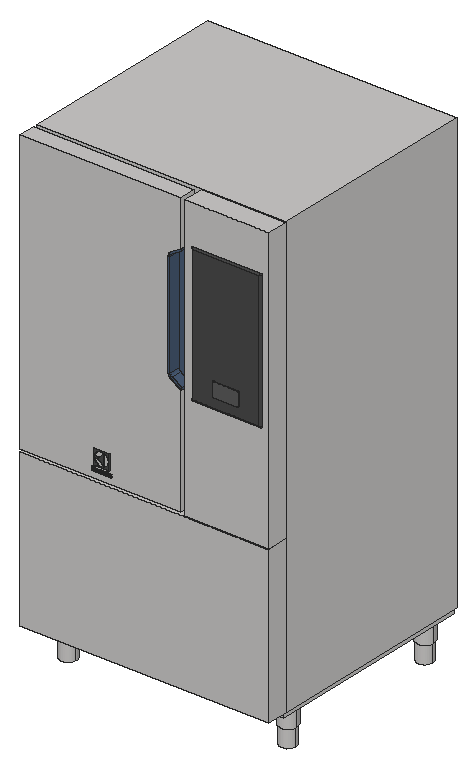
Revit family "QF_ELECTROLUXPROFESSIONAL_727735_EBFA11A", category Specialty Equipment, Revit 2018 (continued)
Lines and regions (mm)
  Split face 222
    outline origin (-5.81, -295.149, -213.119) x (-1, 0, 0) y (0, 0, -1)
      loop
        line (490.638, -548.639) -> (600.654, -548.639) -> (600.654, -543.665) -> (490.638, -543.665) -> (490.638, -548.639)
  Split face 223
    outline origin (-5.81, -295.149, -203.619) x (-1, 0, 0) y (0, 0, -1)
      loop
        line (490.638, -548.639) -> (600.654, -548.639) -> (600.654, -543.665) -> (490.638, -543.665) -> (490.638, -548.639)
  Split face 224
    outline origin (-5.81, -295.149, -194.118) x (-1, 0, 0) y (0, 0, -1)
      loop
        line (490.638, -548.639) -> (600.654, -548.639) -> (600.654, -543.665) -> (490.638, -543.665) -> (490.638, -548.639)
  Split face 225
    outline origin (-5.81, -295.149, -184.618) x (-1, 0, 0) y (0, 0, -1)
      loop
        line (490.638, -548.639) -> (600.654, -548.639) -> (600.654, -543.665) -> (490.638, -543.665) -> (490.638, -548.639)
  Split face 226
    outline origin (-5.81, -295.149, -175.118) x (-1, 0, 0) y (0, 0, -1)
      loop
        line (490.638, -548.639) -> (600.654, -548.639) -> (600.654, -543.665) -> (490.638, -543.665) -> (490.638, -548.639)
  Split face 227
    outline origin (-5.81, -295.149, -165.618) x (-1, 0, 0) y (0, 0, -1)
      loop
        line (490.638, -548.639) -> (600.654, -548.639) -> (600.654, -543.665) -> (490.638, -543.665) -> (490.638, -548.639)
  Split face 228
    outline origin (-5.81, -295.149, -156.118) x (-1, 0, 0) y (0, 0, -1)
      loop
        line (490.638, -548.639) -> (600.654, -548.639) -> (600.654, -543.665) -> (490.638, -543.665) -> (490.638, -548.639)
  Split face 229
    outline origin (-5.81, -295.149, -146.618) x (-1, 0, 0) y (0, 0, -1)
      loop
        line (490.638, -548.639) -> (600.654, -548.639) -> (600.654, -543.665) -> (490.638, -543.665) -> (490.638, -548.639)
  Split face 230
    outline origin (-5.81, -295.149, -137.118) x (-1, 0, 0) y (0, 0, -1)
      loop
        line (490.638, -548.639) -> (600.654, -548.639) -> (600.654, -543.665) -> (490.638, -543.665) -> (490.638, -548.639)
  Split face 231
    outline origin (-5.81, -295.149, -127.618) x (-1, 0, 0) y (0, 0, -1)
      loop
        line (490.638, -548.639) -> (600.654, -548.639) -> (600.654, -543.665) -> (490.638, -543.665) -> (490.638, -548.639)
  Split face 232
    outline origin (-5.81, -295.149, -118.118) x (-1, 0, 0) y (0, 0, -1)
      loop
        line (490.638, -548.639) -> (600.654, -548.639) -> (600.654, -543.665) -> (490.638, -543.665) -> (490.638, -548.639)
  Split face 233
    outline origin (-5.81, -295.149, -108.618) x (-1, 0, 0) y (0, 0, -1)
      loop
        line (490.638, -548.639) -> (600.654, -548.639) -> (600.654, -543.665) -> (490.638, -543.665) -> (490.638, -548.639)
  Split face 234
    outline origin (-5.81, -295.149, -99.118) x (-1, 0, 0) y (0, 0, -1)
      loop
        line (490.638, -548.639) -> (600.654, -548.639) -> (600.654, -543.665) -> (490.638, -543.665) -> (490.638, -548.639)
  Split face 235
    outline origin (-5.81, -295.149, -89.618) x (-1, 0, 0) y (0, 0, -1)
      loop
        line (490.638, -548.639) -> (600.654, -548.639) -> (600.654, -543.665) -> (490.638, -543.665) -> (490.638, -548.639)
  Split face 236
    outline origin (-5.81, -295.149, -80.117) x (-1, 0, 0) y (0, 0, -1)
      loop
        line (490.638, -548.639) -> (600.654, -548.639) -> (600.654, -543.665) -> (490.638, -543.665) -> (490.638, -548.639)
  Split face 237
    outline origin (-5.81, -295.149, -70.617) x (-1, 0, 0) y (0, 0, -1)
      loop
        line (490.638, -548.639) -> (600.654, -548.639) -> (600.654, -543.665) -> (490.638, -543.665) -> (490.638, -548.639)
  Split face 238
    outline origin (-5.81, -295.149, -61.117) x (-1, 0, 0) y (0, 0, -1)
      loop
        line (490.638, -548.639) -> (600.654, -548.639) -> (600.654, -543.665) -> (490.638, -543.665) -> (490.638, -548.639)
  Split face 239
    outline origin (-5.81, -295.149, -51.617) x (-1, 0, 0) y (0, 0, -1)
      loop
        line (490.638, -548.639) -> (600.654, -548.639) -> (600.654, -543.665) -> (490.638, -543.665) -> (490.638, -548.639)
  Split face 240
    outline origin (-5.81, -295.149, -42.117) x (-1, 0, 0) y (0, 0, -1)
      loop
        line (490.638, -548.639) -> (600.654, -548.639) -> (600.654, -543.665) -> (490.638, -543.665) -> (490.638, -548.639)
  Split face 241
    outline origin (-5.81, -295.149, -32.617) x (-1, 0, 0) y (0, 0, -1)
      loop
        line (490.638, -548.639) -> (600.654, -548.639) -> (600.654, -543.665) -> (490.638, -543.665) -> (490.638, -548.639)
  Split face 242
    outline origin (-5.81, -295.149, -23.117) x (-1, 0, 0) y (0, 0, -1)
      loop
        line (490.638, -548.639) -> (600.654, -548.639) -> (600.654, -543.665) -> (490.638, -543.665) -> (490.638, -548.639)
  Split face 243
    outline origin (-5.81, -295.149, -13.617) x (-1, 0, 0) y (0, 0, -1)
      loop
        line (490.638, -548.639) -> (600.654, -548.639) -> (600.654, -543.665) -> (490.638, -543.665) -> (490.638, -548.639)
  Split face 244
    outline origin (-5.81, -295.149, -4.117) x (-1, 0, 0) y (0, 0, -1)
      loop
        line (490.638, -548.639) -> (600.654, -548.639) -> (600.654, -543.665) -> (490.638, -543.665) -> (490.638, -548.639)
  Split face 245
    outline origin (-5.81, -295.149, 5.383) x (-1, 0, 0) y (0, 0, -1)
      loop
        line (490.638, -548.639) -> (600.654, -548.639) -> (600.654, -543.665) -> (490.638, -543.665) -> (490.638, -548.639)
  Split face 246
    outline origin (-5.81, -295.149, 14.883) x (-1, 0, 0) y (0, 0, -1)
      loop
        line (490.638, -548.639) -> (600.654, -548.639) -> (600.654, -543.665) -> (490.638, -543.665) -> (490.638, -548.639)
  Split face 247
    outline origin (-125.802, -295.149, -365.12) x (-1, 0, 0) y (0, 0, -1)
      loop
        line (490.638, -548.639) -> (600.654, -548.639) -> (600.654, -543.665) -> (490.638, -543.665) -> (490.638, -548.639)
  Split face 248
    outline origin (-125.802, -295.149, -355.62) x (-1, 0, 0) y (0, 0, -1)
      loop
        line (490.638, -548.639) -> (600.654, -548.639) -> (600.654, -543.665) -> (490.638, -543.665) -> (490.638, -548.639)
  Split face 249
    outline origin (-125.802, -295.149, -346.12) x (-1, 0, 0) y (0, 0, -1)
      loop
        line (490.638, -548.639) -> (600.654, -548.639) -> (600.654, -543.665) -> (490.638, -543.665) -> (490.638, -548.639)
  Split face 250
    outline origin (-125.802, -295.149, -336.62) x (-1, 0, 0) y (0, 0, -1)
      loop
        line (490.638, -548.639) -> (600.654, -548.639) -> (600.654, -543.665) -> (490.638, -543.665) -> (490.638, -548.639)
  Split face 251
    outline origin (-125.802, -295.149, -327.12) x (-1, 0, 0) y (0, 0, -1)
      loop
        line (490.638, -548.639) -> (600.654, -548.639) -> (600.654, -543.665) -> (490.638, -543.665) -> (490.638, -548.639)
  Split face 252
    outline origin (-125.802, -295.149, -317.619) x (-1, 0, 0) y (0, 0, -1)
      loop
        line (490.638, -548.639) -> (600.654, -548.639) -> (600.654, -543.665) -> (490.638, -543.665) -> (490.638, -548.639)
  Split face 253
    outline origin (-125.802, -295.149, -308.119) x (-1, 0, 0) y (0, 0, -1)
      loop
        line (490.638, -548.639) -> (600.654, -548.639) -> (600.654, -543.665) -> (490.638, -543.665) -> (490.638, -548.639)
  Split face 254
    outline origin (-125.802, -295.149, -298.619) x (-1, 0, 0) y (0, 0, -1)
      loop
        line (490.638, -548.639) -> (600.654, -548.639) -> (600.654, -543.665) -> (490.638, -543.665) -> (490.638, -548.639)
  Split face 255
    outline origin (-125.802, -295.149, -289.119) x (-1, 0, 0) y (0, 0, -1)
      loop
        line (490.638, -548.639) -> (600.654, -548.639) -> (600.654, -543.665) -> (490.638, -543.665) -> (490.638, -548.639)
  Split face 256
    outline origin (-125.802, -295.149, -279.619) x (-1, 0, 0) y (0, 0, -1)
      loop
        line (490.638, -548.639) -> (600.654, -548.639) -> (600.654, -543.665) -> (490.638, -543.665) -> (490.638, -548.639)
  Split face 257
    outline origin (-125.802, -295.149, -270.119) x (-1, 0, 0) y (0, 0, -1)
      loop
        line (490.638, -548.639) -> (600.654, -548.639) -> (600.654, -543.665) -> (490.638, -543.665) -> (490.638, -548.639)
  Split face 258
    outline origin (-125.802, -295.149, -260.619) x (-1, 0, 0) y (0, 0, -1)
      loop
        line (490.638, -548.639) -> (600.654, -548.639) -> (600.654, -543.665) -> (490.638, -543.665) -> (490.638, -548.639)
  Split face 259
    outline origin (-125.802, -295.149, -251.119) x (-1, 0, 0) y (0, 0, -1)
      loop
        line (490.638, -548.639) -> (600.654, -548.639) -> (600.654, -543.665) -> (490.638, -543.665) -> (490.638, -548.639)
  Split face 260
    outline origin (-125.802, -295.149, -241.619) x (-1, 0, 0) y (0, 0, -1)
      loop
        line (490.638, -548.639) -> (600.654, -548.639) -> (600.654, -543.665) -> (490.638, -543.665) -> (490.638, -548.639)
  Split face 261
    outline origin (-125.802, -295.149, -232.119) x (-1, 0, 0) y (0, 0, -1)
      loop
        line (490.638, -548.639) -> (600.654, -548.639) -> (600.654, -543.665) -> (490.638, -543.665) -> (490.638, -548.639)
  Split face 262
    outline origin (-125.802, -295.149, -222.619) x (-1, 0, 0) y (0, 0, -1)
      loop
        line (490.638, -548.639) -> (600.654, -548.639) -> (600.654, -543.665) -> (490.638, -543.665) -> (490.638, -548.639)
  Split face 263
    outline origin (-125.802, -295.149, -213.119) x (-1, 0, 0) y (0, 0, -1)
      loop
        line (490.638, -548.639) -> (600.654, -548.639) -> (600.654, -543.665) -> (490.638, -543.665) -> (490.638, -548.639)
  Split face 264
    outline origin (-125.802, -295.149, -203.619) x (-1, 0, 0) y (0, 0, -1)
      loop
        line (490.638, -548.639) -> (600.654, -548.639) -> (600.654, -543.665) -> (490.638, -543.665) -> (490.638, -548.639)
  Split face 265
    outline origin (-125.802, -295.149, -194.118) x (-1, 0, 0) y (0, 0, -1)
      loop
        line (490.638, -548.639) -> (600.654, -548.639) -> (600.654, -543.665) -> (490.638, -543.665) -> (490.638, -548.639)
  Split face 266
    outline origin (-125.802, -295.149, -184.618) x (-1, 0, 0) y (0, 0, -1)
      loop
        line (490.638, -548.639) -> (600.654, -548.639) -> (600.654, -543.665) -> (490.638, -543.665) -> (490.638, -548.639)
  Split face 267
    outline origin (-125.802, -295.149, -175.118) x (-1, 0, 0) y (0, 0, -1)
      loop
        line (490.638, -548.639) -> (600.654, -548.639) -> (600.654, -543.665) -> (490.638, -543.665) -> (490.638, -548.639)
  Split face 268
    outline origin (-125.802, -295.149, -165.618) x (-1, 0, 0) y (0, 0, -1)
      loop
        line (490.638, -548.639) -> (600.654, -548.639) -> (600.654, -543.665) -> (490.638, -543.665) -> (490.638, -548.639)
  Split face 269
    outline origin (-125.802, -295.149, -156.118) x (-1, 0, 0) y (0, 0, -1)
      loop
        line (490.638, -548.639) -> (600.654, -548.639) -> (600.654, -543.665) -> (490.638, -543.665) -> (490.638, -548.639)
  Split face 270
    outline origin (-125.802, -295.149, -146.618) x (-1, 0, 0) y (0, 0, -1)
      loop
        line (490.638, -548.639) -> (600.654, -548.639) -> (600.654, -543.665) -> (490.638, -543.665) -> (490.638, -548.639)
  Split face 271
    outline origin (-125.802, -295.149, -137.118) x (-1, 0, 0) y (0, 0, -1)
      loop
        line (490.638, -548.639) -> (600.654, -548.639) -> (600.654, -543.665) -> (490.638, -543.665) -> (490.638, -548.639)
  Split face 272
    outline origin (-125.802, -295.149, -127.618) x (-1, 0, 0) y (0, 0, -1)
      loop
        line (490.638, -548.639) -> (600.654, -548.639) -> (600.654, -543.665) -> (490.638, -543.665) -> (490.638, -548.639)
  Split face 273
    outline origin (-125.802, -295.149, -118.118) x (-1, 0, 0) y (0, 0, -1)
      loop
        line (490.638, -548.639) -> (600.654, -548.639) -> (600.654, -543.665) -> (490.638, -543.665) -> (490.638, -548.639)
  Split face 274
    outline origin (-125.802, -295.149, -108.618) x (-1, 0, 0) y (0, 0, -1)
      loop
        line (490.638, -548.639) -> (600.654, -548.639) -> (600.654, -543.665) -> (490.638, -543.665) -> (490.638, -548.639)
  Split face 275
    outline origin (-125.802, -295.149, -99.118) x (-1, 0, 0) y (0, 0, -1)
      loop
        line (490.638, -548.639) -> (600.654, -548.639) -> (600.654, -543.665) -> (490.638, -543.665) -> (490.638, -548.639)
  Split face 276
    outline origin (-125.802, -295.149, -89.618) x (-1, 0, 0) y (0, 0, -1)
      loop
        line (490.638, -548.639) -> (600.654, -548.639) -> (600.654, -543.665) -> (490.638, -543.665) -> (490.638, -548.639)
  Split face 277
    outline origin (-125.802, -295.149, -80.117) x (-1, 0, 0) y (0, 0, -1)
      loop
        line (490.638, -548.639) -> (600.654, -548.639) -> (600.654, -543.665) -> (490.638, -543.665) -> (490.638, -548.639)
  Split face 278
    outline origin (-125.802, -295.149, -70.617) x (-1, 0, 0) y (0, 0, -1)
      loop
        line (490.638, -548.639) -> (600.654, -548.639) -> (600.654, -543.665) -> (490.638, -543.665) -> (490.638, -548.639)
  Split face 279
    outline origin (-125.802, -295.149, -61.117) x (-1, 0, 0) y (0, 0, -1)
      loop
        line (490.638, -548.639) -> (600.654, -548.639) -> (600.654, -543.665) -> (490.638, -543.665) -> (490.638, -548.639)
  Split face 280
    outline origin (-125.802, -295.149, -51.617) x (-1, 0, 0) y (0, 0, -1)
      loop
        line (490.638, -548.639) -> (600.654, -548.639) -> (600.654, -543.665) -> (490.638, -543.665) -> (490.638, -548.639)
  Split face 281
    outline origin (-125.802, -295.149, -42.117) x (-1, 0, 0) y (0, 0, -1)
      loop
        line (490.638, -548.639) -> (600.654, -548.639) -> (600.654, -543.665) -> (490.638, -543.665) -> (490.638, -548.639)
  Split face 282
    outline origin (-125.802, -295.149, -32.617) x (-1, 0, 0) y (0, 0, -1)
      loop
        line (490.638, -548.639) -> (600.654, -548.639) -> (600.654, -543.665) -> (490.638, -543.665) -> (490.638, -548.639)
  Split face 283
    outline origin (-125.802, -295.149, -23.117) x (-1, 0, 0) y (0, 0, -1)
      loop
        line (490.638, -548.639) -> (600.654, -548.639) -> (600.654, -543.665) -> (490.638, -543.665) -> (490.638, -548.639)
  Split face 284
    outline origin (-125.802, -295.149, -13.617) x (-1, 0, 0) y (0, 0, -1)
      loop
        line (490.638, -548.639) -> (600.654, -548.639) -> (600.654, -543.665) -> (490.638, -543.665) -> (490.638, -548.639)
  Split face 285
    outline origin (-125.802, -295.149, -4.117) x (-1, 0, 0) y (0, 0, -1)
      loop
        line (490.638, -548.639) -> (600.654, -548.639) -> (600.654, -543.665) -> (490.638, -543.665) -> (490.638, -548.639)
  Split face 286
    outline origin (-125.802, -295.149, 5.383) x (-1, 0, 0) y (0, 0, -1)
      loop
        line (490.638, -548.639) -> (600.654, -548.639) -> (600.654, -543.665) -> (490.638, -543.665) -> (490.638, -548.639)
  Split face 287
    outline origin (-125.802, -295.149, 14.883) x (-1, 0, 0) y (0, 0, -1)
      loop
        line (490.638, -548.639) -> (600.654, -548.639) -> (600.654, -543.665) -> (490.638, -543.665) -> (490.638, -548.639)
  symbolic lines
    curve 1: line (-759, 547.851, 1731) -> (136, 547.851, 1731)
    curve 2: line (-759, -219.149, 1731) -> (-759, 547.851, 1731)
    curve 3: line (136, -295.149, 1731) -> (-166, -295.149, 1731)
    curve 4: line (136, 547.851, 1731) -> (136, -295.149, 1731)
    curve 5: line (-139.183, 547.851, 1731) -> (-131.09, 639.851, 1731)
    curve 6: line (-131.09, 639.851, 1731) -> (33.141, 639.851, 1731)
    curve 7: line (33.141, 639.851, 1731) -> (41.234, 547.851, 1731)
    curve 8: line (56.5, 576.851, 1731) -> (77.5, 576.851, 1731)
    curve 9: line (77.5, 576.851, 1731) -> (77.5, 547.851, 1731)
    curve 10: line (56.5, 576.851, 1731) -> (56.5, 547.851, 1731)
    curve 11: line (104, -300.149, 1731) -> (-134, -300.149, 1731)
    curve 12: line (-134, -300.149, 1731) -> (-142, -295.149, 1731)
    curve 13: line (104, -300.149, 1731) -> (112, -295.149, 1731)
    curve 18: line (-166, -295.149, 0) -> (-166, -219.149, 0)
    curve 19: line (-166, -219.149, 0) -> (-759, -219.149, 0)
    curve 20: line (-759, -235.149, 0) -> (-180.8, -235.149, 0)
    curve 21: line (-759, -295.149, 0) -> (-759, -235.149, 0)
    curve 22: line (-180.8, -295.149, 0) -> (-759, -295.149, 0)
    curve 23: line (-180.8, -235.149, 0) -> (-180.8, -295.149, 0)
    curve 24: line (-225.54, -296.149, 0) -> (-178.3, -296.149, 0)
    curve 25: line (-178.3, -296.149, 0) -> (-178.3, -256.149, 0)
    curve 26: line (-178.3, -256.149, 0) -> (-180.8, -256.149, 0)
    curve 27: line (-225.54, -296.149, 0) -> (-225.54, -295.149, 0)
  symbolic lines, style "QF_Door-Drawer Clearances", visible <- "Show Clearance"
    curve 14: arc (-180.8, -295.149, 1731) -> (-338.805, -665.108, 1731) -> (-705, -831.649, 1731) r 556
    curve 15: line (-765, -831.649, 1731) -> (-765, -295.149, 1731)
    curve 16: line (-705, -831.649, 1731) -> (-765, -831.649, 1731)
    curve 17: line (-705, -831.649, 1731) -> (-705, -295.149, 1731)
Dimensions and locks
  equal spacing: plane 4 "LEFT", plane 3 "Center Y", plane 6 "RIGHT"
  plane 4 "LEFT" to plane 6 "RIGHT" = 895 mm
  plane 5 "BACK" to plane 7 "FRONT" = 843 mm
  equal spacing: plane 5 "BACK", plane 1 "Center X", plane 7 "FRONT"
  cut or joined group of Extrusion 1, Extrusion 2, Extrusion 3, Extrusion 5, Extrusion 6, Extrusion 7, Extrusion 13 to Extrusion 3 sketch curve = 826 mm
  level to Extrusion 3 sketch curve = 593 mm
  plane 5 "BACK" to Extrusion 6 sketch curve = 398 mm
  plane 4 "LEFT" to Extrusion 6 sketch curve = 400 mm
  Extrusion 3 sketch curve to plane 4 "LEFT" = 826 mm
  aligned and locked: level to plane 2
  aligned and locked: plane 12 to nested 3
  aligned and locked: plane 12 to nested 2
  aligned and locked: plane 10 to nested 1
  aligned and locked: plane 10 to nested 4
  aligned and locked: nested 4 to plane 11
  aligned and locked: nested 3 to plane 11
  aligned and locked: nested 1 to plane 13
  aligned and locked: nested 2 to plane 13
  aligned and locked: Extrusion 12 to Extrusion 11
  aligned and locked: Extrusion 16 to Extrusion 15
Automatic sketch dimensions
  Extrusion 1 sketch curve to plane 5 "BACK" = 0 mm
  Extrusion 1 sketch curve to plane 6 "RIGHT" = 0 mm
  Extrusion 1 sketch curve to plane 4 "LEFT" = 0 mm
  Extrusion 1 sketch curve to plane 13 = 75 mm
  Extrusion 2 sketch curve to plane 5 "BACK" = 0 mm
  Extrusion 2 sketch curve to plane 14 = 0 mm  (x5)
  Extrusion 2 sketch curve to plane 14 = 10 mm
  Extrusion 2 sketch curve to plane 14 = 8 mm
  Extrusion 2 sketch curve to plane 14 = 7.305 mm
  Extrusion 2 sketch curve to plane 14 = 4.997 mm
  plane 14 to Extrusion 2 sketch curve = 8.773 mm  (x4)
  plane 8 to Extrusion 2 sketch curve = 521.023 mm
  Extrusion 2 sketch curve to Extrusion 2 sketch curve = 7.476 mm
  Extrusion 2 sketch curve to Extrusion 2 sketch curve = 25.474 mm
  Extrusion 2 sketch curve to Extrusion 2 sketch curve = 9.313 mm  (x4)
  Extrusion 2 sketch curve to Extrusion 2 sketch curve = 31.38 mm  (x3)
  Extrusion 2 sketch curve to Extrusion 2 sketch curve = 32.916 mm
  Extrusion 2 sketch curve to Extrusion 2 sketch curve = 50.851 mm
  Extrusion 4 sketch curve to plane 6 "RIGHT" = 0 mm
  Extrusion 4 sketch curve to plane 4 "LEFT" = 0 mm
  Extrusion 4 sketch curve to plane 7 "FRONT" = 0 mm
  plane 7 "FRONT" to Extrusion 4 sketch curve = 75 mm
  Extrusion 5 sketch curve to plane 5 "BACK" = 0 mm
  Extrusion 5 sketch curve to plane 6 "RIGHT" = 9 mm
  plane 4 "LEFT" to Extrusion 5 sketch curve = 9 mm
  Extrusion 5 sketch curve to plane 13 = 73 mm
  Split face 1 sketch curve to Extrusion 4 = 32.492 mm
  Split face 1 sketch curve to Extrusion 4 = 28.525 mm
  Split face 1 sketch curve to Split face 1 sketch curve = 110.016 mm
  Split face 1 sketch curve to Split face 1 sketch curve = 4.974 mm
  Extrusion 7 sketch curve to plane 5 "BACK" = 0 mm  (x2)
  Extrusion 7 sketch curve to plane 14 = 0 mm  (x2)
  Extrusion 7 sketch curve to plane 12 = 41.135 mm
  Extrusion 7 sketch curve to Extrusion 7 sketch curve = 1.631 mm  (x2)
  Extrusion 7 sketch curve to Extrusion 7 sketch curve = 9.723 mm
  Extrusion 7 sketch curve to Extrusion 7 sketch curve = 164.232 mm
  Extrusion 7 sketch curve to Extrusion 7 sketch curve = 8.092 mm
  Extrusion 8 sketch curve to plane 4 "LEFT" = 0 mm
  Extrusion 8 sketch curve to plane 9 "TOP" = 0 mm
  plane 3 "Center Y" to Extrusion 8 sketch curve = 85.96 mm
  Extrusion 8 sketch curve to Extrusion 8 sketch curve = 8.487 mm
  Extrusion 8 sketch curve to Extrusion 8 sketch curve = 8.95 mm
  Extrusion 8 sketch curve to Extrusion 8 sketch curve = 10.513 mm
  Extrusion 8 sketch curve to Extrusion 8 sketch curve = 11.05 mm
  Extrusion 8 sketch curve to Extrusion 8 sketch curve = 35.79 mm
  Extrusion 8 sketch curve to Extrusion 8 sketch curve = 36.253 mm
  Extrusion 8 sketch curve to Extrusion 8 sketch curve = 162.03 mm
  Extrusion 8 sketch curve to Extrusion 8 sketch curve = 24.082 mm
  Extrusion 8 sketch curve to Extrusion 8 sketch curve = 374.913 mm
  Extrusion 8 sketch curve to Extrusion 8 sketch curve = 23.723 mm
  plane 8 to Extrusion 8 sketch curve = 589.524 mm
  Extrusion 9 sketch curve to plane 7 "FRONT" = 0 mm
  Extrusion 9 sketch curve to plane 6 "RIGHT" = 0 mm
  plane 3 "Center Y" to Extrusion 9 sketch curve = 145.5 mm
  plane 7 "FRONT" to Extrusion 9 sketch curve = 75 mm
  plane 3 "Center Y" to Extrusion 11 sketch curve = 85.96 mm
  Extrusion 11 sketch curve to Extrusion 11 sketch curve = 8.487 mm
  Extrusion 11 sketch curve to Extrusion 11 sketch curve = 8.95 mm
  Extrusion 11 sketch curve to Extrusion 11 sketch curve = 19 mm
  Extrusion 11 sketch curve to Extrusion 11 sketch curve = 11.05 mm
  Extrusion 11 sketch curve to plane 9 "TOP" = 186.112 mm
  Extrusion 11 sketch curve to Extrusion 11 sketch curve = 374.913 mm
  Extrusion 11 sketch curve to Extrusion 11 sketch curve = 36.253 mm
  Extrusion 11 sketch curve to Extrusion 11 sketch curve = 35.79 mm
  Extrusion 11 sketch curve to Extrusion 11 sketch curve = 0 mm  (x3)
  Extrusion 11 sketch curve to Extrusion 11 sketch curve = 24.082 mm
  Extrusion 11 sketch curve to Extrusion 11 sketch curve = 23.723 mm
  Extrusion 12 sketch curve to Extrusion 12 sketch curve = 0 mm  (x4)
  plane 3 "Center Y" to Extrusion 12 sketch curve = 133.2 mm  (x2)
  Extrusion 12 sketch curve to Extrusion 12 sketch curve = 2.5 mm  (x2)
  Extrusion 12 sketch curve to Extrusion 12 sketch curve = 27.24 mm
  Extrusion 12 sketch curve to Extrusion 12 sketch curve = 28.24 mm
  Extrusion 12 sketch curve to Extrusion 12 sketch curve = 7.459 mm
  Extrusion 12 sketch curve to Extrusion 12 sketch curve = 6.917 mm
  Extrusion 12 sketch curve to Extrusion 12 sketch curve = 3.591 mm
  Extrusion 12 sketch curve to Extrusion 12 sketch curve = 3.597 mm
  Extrusion 12 sketch curve to Extrusion 12 sketch curve = 5.583 mm
  Extrusion 12 sketch curve to Extrusion 12 sketch curve = 6.5 mm
  Extrusion 12 sketch curve to plane 9 "TOP" = 162.03 mm
  Extrusion 12 sketch curve to Extrusion 12 sketch curve = 6.143 mm
  Extrusion 12 sketch curve to Extrusion 12 sketch curve = 17.939 mm
  Extrusion 12 sketch curve to Extrusion 12 sketch curve = 374.913 mm
  Extrusion 12 sketch curve to Extrusion 12 sketch curve = 23 mm
  Extrusion 12 sketch curve to Extrusion 12 sketch curve = 6.141 mm
  plane 10 to Extrusion 13 sketch curve = 9 mm
  plane 3 "Center Y" to Extrusion 13 sketch curve = 80.7 mm
  Extrusion 13 sketch curve to plane 9 "TOP" = 60 mm
  plane 8 to Extrusion 13 sketch curve = 639 mm
  Split face 2 sketch curve to Extrusion 4 = 32.492 mm
  Split face 2 sketch curve to Extrusion 4 = 38.025 mm
  Split face 2 sketch curve to Split face 2 sketch curve = 110.016 mm
  Split face 2 sketch curve to Split face 2 sketch curve = 4.974 mm
  Split face 3 sketch curve to Extrusion 4 = 32.492 mm
  Split face 3 sketch curve to Extrusion 4 = 47.525 mm
  Split face 3 sketch curve to Split face 3 sketch curve = 110.016 mm
  Split face 3 sketch curve to Split face 3 sketch curve = 4.974 mm
  Split face 4 sketch curve to Extrusion 4 = 32.492 mm
  Split face 4 sketch curve to Split face 4 sketch curve = 110.016 mm
  Split face 4 sketch curve to Extrusion 4 = 61.999 mm
  Split face 4 sketch curve to Split face 4 sketch curve = 4.974 mm
  Split face 5 sketch curve to Extrusion 4 = 32.492 mm
  Split face 5 sketch curve to Split face 5 sketch curve = 110.016 mm
  Split face 5 sketch curve to Extrusion 4 = 71.499 mm
  Split face 5 sketch curve to Split face 5 sketch curve = 4.974 mm
  Split face 6 sketch curve to Extrusion 4 = 32.492 mm
  Split face 6 sketch curve to Split face 6 sketch curve = 110.016 mm
  Split face 6 sketch curve to Extrusion 4 = 80.999 mm
  Split face 6 sketch curve to Split face 6 sketch curve = 4.974 mm
  Split face 7 sketch curve to Extrusion 4 = 32.492 mm
  Split face 7 sketch curve to Split face 7 sketch curve = 110.016 mm
  Split face 7 sketch curve to Extrusion 4 = 90.499 mm
  Split face 7 sketch curve to Split face 7 sketch curve = 4.974 mm
  Split face 8 sketch curve to Extrusion 4 = 32.492 mm
  Split face 8 sketch curve to Split face 8 sketch curve = 110.016 mm
  Split face 8 sketch curve to Extrusion 4 = 99.999 mm
  Split face 8 sketch curve to Split face 8 sketch curve = 4.974 mm
  Split face 9 sketch curve to Extrusion 4 = 32.492 mm
  Split face 9 sketch curve to Split face 9 sketch curve = 110.016 mm
  Split face 9 sketch curve to Extrusion 4 = 109.499 mm
  Split face 9 sketch curve to Split face 9 sketch curve = 4.974 mm
  Split face 10 sketch curve to Extrusion 4 = 32.492 mm
  Split face 10 sketch curve to Split face 10 sketch curve = 110.016 mm
  Split face 10 sketch curve to Extrusion 4 = 119 mm
  Split face 10 sketch curve to Split face 10 sketch curve = 4.974 mm
  Split face 11 sketch curve to Extrusion 4 = 32.492 mm
  Split face 11 sketch curve to Split face 11 sketch curve = 110.016 mm
  Split face 11 sketch curve to Extrusion 4 = 128.5 mm
  Split face 11 sketch curve to Split face 11 sketch curve = 4.974 mm
  Split face 12 sketch curve to Extrusion 4 = 32.492 mm
  Split face 12 sketch curve to Split face 12 sketch curve = 110.016 mm
  Split face 12 sketch curve to Extrusion 4 = 138 mm
  Split face 12 sketch curve to Split face 12 sketch curve = 4.974 mm
  Split face 13 sketch curve to Extrusion 4 = 32.492 mm
  Split face 13 sketch curve to Split face 13 sketch curve = 110.016 mm
  Split face 13 sketch curve to Extrusion 4 = 147.5 mm
  Split face 13 sketch curve to Split face 13 sketch curve = 4.974 mm
  Split face 14 sketch curve to Extrusion 4 = 32.492 mm
  Split face 14 sketch curve to Split face 14 sketch curve = 110.016 mm
  Split face 14 sketch curve to Extrusion 4 = 157 mm
  Split face 14 sketch curve to Split face 14 sketch curve = 4.974 mm
  Split face 15 sketch curve to Extrusion 4 = 32.492 mm
  Split face 15 sketch curve to Split face 15 sketch curve = 110.016 mm
  Split face 15 sketch curve to Extrusion 4 = 166.5 mm
  Split face 15 sketch curve to Split face 15 sketch curve = 4.974 mm
  Split face 16 sketch curve to Extrusion 4 = 32.492 mm
  Split face 16 sketch curve to Split face 16 sketch curve = 110.016 mm
  Split face 16 sketch curve to Extrusion 4 = 176 mm
  Split face 16 sketch curve to Split face 16 sketch curve = 4.974 mm
  Split face 17 sketch curve to Extrusion 4 = 32.492 mm
  Split face 17 sketch curve to Split face 17 sketch curve = 110.016 mm
  Split face 17 sketch curve to Extrusion 4 = 185.5 mm
  Split face 17 sketch curve to Split face 17 sketch curve = 4.974 mm
  Split face 18 sketch curve to Extrusion 4 = 32.492 mm
  Split face 18 sketch curve to Split face 18 sketch curve = 110.016 mm
  Split face 18 sketch curve to Extrusion 4 = 195 mm
  Split face 18 sketch curve to Split face 18 sketch curve = 4.974 mm
  Split face 19 sketch curve to Extrusion 4 = 32.492 mm
  Split face 19 sketch curve to Split face 19 sketch curve = 110.016 mm
  Split face 19 sketch curve to Extrusion 4 = 204.5 mm
  Split face 19 sketch curve to Split face 19 sketch curve = 4.974 mm
  Split face 20 sketch curve to Extrusion 4 = 32.492 mm
  Split face 20 sketch curve to Split face 20 sketch curve = 110.016 mm
  Split face 20 sketch curve to Extrusion 4 = 214 mm
  Split face 20 sketch curve to Split face 20 sketch curve = 4.974 mm
  Split face 21 sketch curve to Extrusion 4 = 32.492 mm
  Split face 21 sketch curve to Split face 21 sketch curve = 110.016 mm
  Split face 21 sketch curve to Extrusion 4 = 223.5 mm
  Split face 21 sketch curve to Split face 21 sketch curve = 4.974 mm
  Split face 22 sketch curve to Extrusion 4 = 32.492 mm
  Split face 22 sketch curve to Split face 22 sketch curve = 110.016 mm
  Split face 22 sketch curve to Extrusion 4 = 233.001 mm
  Split face 22 sketch curve to Split face 22 sketch curve = 4.974 mm
  Split face 23 sketch curve to Extrusion 4 = 32.492 mm
  Split face 23 sketch curve to Split face 23 sketch curve = 110.016 mm
  Split face 23 sketch curve to Extrusion 4 = 242.501 mm
  Split face 23 sketch curve to Split face 23 sketch curve = 4.974 mm
  Split face 24 sketch curve to Extrusion 4 = 32.492 mm
  Split face 24 sketch curve to Split face 24 sketch curve = 110.016 mm
  Split face 24 sketch curve to Extrusion 4 = 252.001 mm
  Split face 24 sketch curve to Split face 24 sketch curve = 4.974 mm
  Split face 25 sketch curve to Extrusion 4 = 32.492 mm
  Split face 25 sketch curve to Split face 25 sketch curve = 110.016 mm
  Split face 25 sketch curve to Extrusion 4 = 261.501 mm
  Split face 25 sketch curve to Split face 25 sketch curve = 4.974 mm
  Split face 26 sketch curve to Extrusion 4 = 32.492 mm
  Split face 26 sketch curve to Split face 26 sketch curve = 110.016 mm
  Split face 26 sketch curve to Extrusion 4 = 271.001 mm
  Split face 26 sketch curve to Split face 26 sketch curve = 4.974 mm
  Split face 27 sketch curve to Extrusion 4 = 32.492 mm
  Split face 27 sketch curve to Split face 27 sketch curve = 110.016 mm
  Split face 27 sketch curve to Extrusion 4 = 279.479 mm
  Split face 27 sketch curve to Split face 27 sketch curve = 4.974 mm
  Split face 28 sketch curve to Extrusion 4 = 32.492 mm
  Split face 28 sketch curve to Split face 28 sketch curve = 110.016 mm
  Split face 28 sketch curve to Extrusion 4 = 269.979 mm
  Split face 28 sketch curve to Split face 28 sketch curve = 4.974 mm
  Split face 29 sketch curve to Extrusion 4 = 32.492 mm
  Split face 29 sketch curve to Split face 29 sketch curve = 110.016 mm
  Split face 29 sketch curve to Extrusion 4 = 260.479 mm
  Split face 29 sketch curve to Split face 29 sketch curve = 4.974 mm
  Split face 30 sketch curve to Extrusion 4 = 32.492 mm
  Split face 30 sketch curve to Split face 30 sketch curve = 110.016 mm
  Split face 30 sketch curve to Extrusion 4 = 250.978 mm
  Split face 30 sketch curve to Split face 30 sketch curve = 4.974 mm
  Split face 31 sketch curve to Extrusion 4 = 32.492 mm
  Split face 31 sketch curve to Split face 31 sketch curve = 110.016 mm
  Split face 31 sketch curve to Extrusion 4 = 241.478 mm
  Split face 31 sketch curve to Split face 31 sketch curve = 4.974 mm
  Split face 32 sketch curve to Extrusion 4 = 32.492 mm
  Split face 32 sketch curve to Split face 32 sketch curve = 110.016 mm
  Split face 32 sketch curve to Extrusion 4 = 231.978 mm
  Split face 32 sketch curve to Split face 32 sketch curve = 4.974 mm
  Split face 33 sketch curve to Extrusion 4 = 32.492 mm
  Split face 33 sketch curve to Split face 33 sketch curve = 110.016 mm
  Split face 33 sketch curve to Extrusion 4 = 222.478 mm
  Split face 33 sketch curve to Split face 33 sketch curve = 4.974 mm
  Split face 34 sketch curve to Extrusion 4 = 32.492 mm
  Split face 34 sketch curve to Split face 34 sketch curve = 110.016 mm
  Split face 34 sketch curve to Extrusion 4 = 212.978 mm
  Split face 34 sketch curve to Split face 34 sketch curve = 4.974 mm
  Split face 35 sketch curve to Extrusion 4 = 32.492 mm
  Split face 35 sketch curve to Split face 35 sketch curve = 110.016 mm
  Split face 35 sketch curve to Extrusion 4 = 203.478 mm
  Split face 35 sketch curve to Split face 35 sketch curve = 4.974 mm
  Split face 36 sketch curve to Extrusion 4 = 32.492 mm
  Split face 36 sketch curve to Split face 36 sketch curve = 110.016 mm
  Split face 36 sketch curve to Extrusion 4 = 193.978 mm
  Split face 36 sketch curve to Split face 36 sketch curve = 4.974 mm
  Split face 37 sketch curve to Extrusion 4 = 32.492 mm
  Split face 37 sketch curve to Split face 37 sketch curve = 110.016 mm
  Split face 37 sketch curve to Extrusion 4 = 184.478 mm
  Split face 37 sketch curve to Split face 37 sketch curve = 4.974 mm
  Split face 38 sketch curve to Extrusion 4 = 32.492 mm
  Split face 38 sketch curve to Split face 38 sketch curve = 110.016 mm
  Split face 38 sketch curve to Extrusion 4 = 174.978 mm
  Split face 38 sketch curve to Split face 38 sketch curve = 4.974 mm
  Split face 39 sketch curve to Extrusion 4 = 32.492 mm
  Split face 39 sketch curve to Split face 39 sketch curve = 110.016 mm
  Split face 39 sketch curve to Extrusion 4 = 165.478 mm
  Split face 39 sketch curve to Split face 39 sketch curve = 4.974 mm
  Split face 40 sketch curve to Extrusion 4 = 32.492 mm
  Split face 40 sketch curve to Split face 40 sketch curve = 110.016 mm
  Split face 40 sketch curve to Extrusion 4 = 155.978 mm
  Split face 40 sketch curve to Split face 40 sketch curve = 4.974 mm
  Split face 41 sketch curve to Extrusion 4 = 32.492 mm
  Split face 41 sketch curve to Split face 41 sketch curve = 110.016 mm
  Split face 41 sketch curve to Extrusion 4 = 146.478 mm
  Split face 41 sketch curve to Split face 41 sketch curve = 4.974 mm
  Split face 42 sketch curve to Extrusion 4 = 33.499 mm
  Split face 42 sketch curve to Extrusion 4 = 152.483 mm
  Split face 42 sketch curve to Extrusion 4 = 28.525 mm
  Split face 42 sketch curve to Split face 42 sketch curve = 110.016 mm
  Split face 43 sketch curve to Extrusion 4 = 42.999 mm
  Split face 43 sketch curve to Extrusion 4 = 152.483 mm
  Split face 43 sketch curve to Extrusion 4 = 38.025 mm
  Split face 43 sketch curve to Split face 43 sketch curve = 110.016 mm
  Split face 44 sketch curve to Extrusion 4 = 52.499 mm
  Split face 44 sketch curve to Extrusion 4 = 152.483 mm
  Split face 44 sketch curve to Extrusion 4 = 47.525 mm
  Split face 44 sketch curve to Split face 44 sketch curve = 110.016 mm
  Split face 45 sketch curve to Extrusion 4 = 61.999 mm
  Split face 45 sketch curve to Extrusion 4 = 152.483 mm
  Split face 45 sketch curve to Split face 45 sketch curve = 110.016 mm
  Split face 45 sketch curve to Split face 45 sketch curve = 4.974 mm
  Split face 46 sketch curve to Extrusion 4 = 71.499 mm
  Split face 46 sketch curve to Extrusion 4 = 152.483 mm
  Split face 46 sketch curve to Split face 46 sketch curve = 110.016 mm
  Split face 46 sketch curve to Split face 46 sketch curve = 4.974 mm
  Split face 47 sketch curve to Extrusion 4 = 152.483 mm
  Split face 47 sketch curve to Split face 47 sketch curve = 110.016 mm
  Split face 47 sketch curve to Extrusion 4 = 80.999 mm
  Split face 47 sketch curve to Split face 47 sketch curve = 4.974 mm
  Split face 48 sketch curve to Extrusion 4 = 152.483 mm
  Split face 48 sketch curve to Split face 48 sketch curve = 110.016 mm
  Split face 48 sketch curve to Extrusion 4 = 90.499 mm
  Split face 48 sketch curve to Split face 48 sketch curve = 4.974 mm
  Split face 49 sketch curve to Extrusion 4 = 152.483 mm
  Split face 49 sketch curve to Split face 49 sketch curve = 110.016 mm
  Split face 49 sketch curve to Extrusion 4 = 99.999 mm
  Split face 49 sketch curve to Split face 49 sketch curve = 4.974 mm
  Split face 50 sketch curve to Extrusion 4 = 152.483 mm
  Split face 50 sketch curve to Split face 50 sketch curve = 110.016 mm
  Split face 50 sketch curve to Extrusion 4 = 109.499 mm
  Split face 50 sketch curve to Split face 50 sketch curve = 4.974 mm
  Split face 51 sketch curve to Extrusion 4 = 152.483 mm
  Split face 51 sketch curve to Split face 51 sketch curve = 110.016 mm
  Split face 51 sketch curve to Extrusion 4 = 119 mm
  Split face 51 sketch curve to Split face 51 sketch curve = 4.974 mm
  Split face 52 sketch curve to Extrusion 4 = 152.483 mm
  Split face 52 sketch curve to Split face 52 sketch curve = 110.016 mm
  Split face 52 sketch curve to Extrusion 4 = 128.5 mm
  Split face 52 sketch curve to Split face 52 sketch curve = 4.974 mm
  Split face 53 sketch curve to Extrusion 4 = 152.483 mm
  Split face 53 sketch curve to Split face 53 sketch curve = 110.016 mm
  Split face 53 sketch curve to Extrusion 4 = 138 mm
  Split face 53 sketch curve to Split face 53 sketch curve = 4.974 mm
  Split face 54 sketch curve to Extrusion 4 = 152.483 mm
  Split face 54 sketch curve to Split face 54 sketch curve = 110.016 mm
  Split face 54 sketch curve to Extrusion 4 = 147.5 mm
  Split face 54 sketch curve to Split face 54 sketch curve = 4.974 mm
  Split face 55 sketch curve to Extrusion 4 = 152.483 mm
  Split face 55 sketch curve to Split face 55 sketch curve = 110.016 mm
  Split face 55 sketch curve to Extrusion 4 = 157 mm
  Split face 55 sketch curve to Split face 55 sketch curve = 4.974 mm
  Split face 56 sketch curve to Extrusion 4 = 152.483 mm
  Split face 56 sketch curve to Split face 56 sketch curve = 110.016 mm
  Split face 56 sketch curve to Extrusion 4 = 166.5 mm
  Split face 56 sketch curve to Split face 56 sketch curve = 4.974 mm
  Split face 57 sketch curve to Extrusion 4 = 152.483 mm
  Split face 57 sketch curve to Split face 57 sketch curve = 110.016 mm
  Split face 57 sketch curve to Extrusion 4 = 176 mm
  Split face 57 sketch curve to Split face 57 sketch curve = 4.974 mm
  Split face 58 sketch curve to Extrusion 4 = 152.483 mm
  Split face 58 sketch curve to Split face 58 sketch curve = 110.016 mm
  Split face 58 sketch curve to Extrusion 4 = 185.5 mm
  Split face 58 sketch curve to Split face 58 sketch curve = 4.974 mm
  Split face 59 sketch curve to Extrusion 4 = 152.483 mm
  Split face 59 sketch curve to Split face 59 sketch curve = 110.016 mm
  Split face 59 sketch curve to Extrusion 4 = 195 mm
  Split face 59 sketch curve to Split face 59 sketch curve = 4.974 mm
  Split face 60 sketch curve to Extrusion 4 = 152.483 mm
  Split face 60 sketch curve to Split face 60 sketch curve = 110.016 mm
  Split face 60 sketch curve to Extrusion 4 = 204.5 mm
  Split face 60 sketch curve to Split face 60 sketch curve = 4.974 mm
  Split face 61 sketch curve to Extrusion 4 = 152.483 mm
  Split face 61 sketch curve to Split face 61 sketch curve = 110.016 mm
  Split face 61 sketch curve to Extrusion 4 = 214 mm
  Split face 61 sketch curve to Split face 61 sketch curve = 4.974 mm
  Split face 62 sketch curve to Extrusion 4 = 152.483 mm
  Split face 62 sketch curve to Split face 62 sketch curve = 110.016 mm
  Split face 62 sketch curve to Extrusion 4 = 223.5 mm
  Split face 62 sketch curve to Split face 62 sketch curve = 4.974 mm
  Split face 63 sketch curve to Extrusion 4 = 152.483 mm
  Split face 63 sketch curve to Split face 63 sketch curve = 110.016 mm
  Split face 63 sketch curve to Extrusion 4 = 233.001 mm
  Split face 63 sketch curve to Split face 63 sketch curve = 4.974 mm
  Split face 64 sketch curve to Extrusion 4 = 152.483 mm
  Split face 64 sketch curve to Split face 64 sketch curve = 110.016 mm
  Split face 64 sketch curve to Extrusion 4 = 242.501 mm
  Split face 64 sketch curve to Split face 64 sketch curve = 4.974 mm
  Split face 65 sketch curve to Extrusion 4 = 152.483 mm
  Split face 65 sketch curve to Split face 65 sketch curve = 110.016 mm
  Split face 65 sketch curve to Extrusion 4 = 252.001 mm
  Split face 65 sketch curve to Split face 65 sketch curve = 4.974 mm
  Split face 66 sketch curve to Extrusion 4 = 152.483 mm
  Split face 66 sketch curve to Split face 66 sketch curve = 110.016 mm
  Split face 66 sketch curve to Extrusion 4 = 261.501 mm
  Split face 66 sketch curve to Split face 66 sketch curve = 4.974 mm
  Split face 67 sketch curve to Extrusion 4 = 152.483 mm
  Split face 67 sketch curve to Split face 67 sketch curve = 110.016 mm
  Split face 67 sketch curve to Extrusion 4 = 271.001 mm
  Split face 67 sketch curve to Split face 67 sketch curve = 4.974 mm
  Split face 68 sketch curve to Extrusion 4 = 152.483 mm
  Split face 68 sketch curve to Split face 68 sketch curve = 110.016 mm
  Split face 68 sketch curve to Extrusion 4 = 279.479 mm
  Split face 68 sketch curve to Split face 68 sketch curve = 4.974 mm
  Split face 69 sketch curve to Extrusion 4 = 152.483 mm
  Split face 69 sketch curve to Split face 69 sketch curve = 110.016 mm
  Split face 69 sketch curve to Extrusion 4 = 269.979 mm
  Split face 69 sketch curve to Split face 69 sketch curve = 4.974 mm
  Split face 70 sketch curve to Extrusion 4 = 152.483 mm
  Split face 70 sketch curve to Split face 70 sketch curve = 110.016 mm
  Split face 70 sketch curve to Extrusion 4 = 260.479 mm
  Split face 70 sketch curve to Split face 70 sketch curve = 4.974 mm
  Split face 71 sketch curve to Extrusion 4 = 152.483 mm
  Split face 71 sketch curve to Split face 71 sketch curve = 110.016 mm
  Split face 71 sketch curve to Extrusion 4 = 250.978 mm
  Split face 71 sketch curve to Split face 71 sketch curve = 4.974 mm
  Split face 72 sketch curve to Extrusion 4 = 152.483 mm
  Split face 72 sketch curve to Split face 72 sketch curve = 110.016 mm
  Split face 72 sketch curve to Extrusion 4 = 241.478 mm
  Split face 72 sketch curve to Split face 72 sketch curve = 4.974 mm
  Split face 73 sketch curve to Extrusion 4 = 152.483 mm
  Split face 73 sketch curve to Split face 73 sketch curve = 110.016 mm
  Split face 73 sketch curve to Extrusion 4 = 231.978 mm
  Split face 73 sketch curve to Split face 73 sketch curve = 4.974 mm
  Split face 74 sketch curve to Extrusion 4 = 152.483 mm
  Split face 74 sketch curve to Split face 74 sketch curve = 110.016 mm
  Split face 74 sketch curve to Extrusion 4 = 222.478 mm
  Split face 74 sketch curve to Split face 74 sketch curve = 4.974 mm
  Split face 75 sketch curve to Extrusion 4 = 152.483 mm
  Split face 75 sketch curve to Split face 75 sketch curve = 110.016 mm
  Split face 75 sketch curve to Extrusion 4 = 212.978 mm
  Split face 75 sketch curve to Split face 75 sketch curve = 4.974 mm
  Split face 76 sketch curve to Extrusion 4 = 152.483 mm
  Split face 76 sketch curve to Split face 76 sketch curve = 110.016 mm
  Split face 76 sketch curve to Extrusion 4 = 203.478 mm
  Split face 76 sketch curve to Split face 76 sketch curve = 4.974 mm
  Split face 77 sketch curve to Extrusion 4 = 152.483 mm
  Split face 77 sketch curve to Split face 77 sketch curve = 110.016 mm
  Split face 77 sketch curve to Extrusion 4 = 193.978 mm
  Split face 77 sketch curve to Split face 77 sketch curve = 4.974 mm
  Split face 78 sketch curve to Extrusion 4 = 152.483 mm
  Split face 78 sketch curve to Split face 78 sketch curve = 110.016 mm
  Split face 78 sketch curve to Extrusion 4 = 184.478 mm
  Split face 78 sketch curve to Split face 78 sketch curve = 4.974 mm
  Split face 79 sketch curve to Extrusion 4 = 152.483 mm
  Split face 79 sketch curve to Split face 79 sketch curve = 110.016 mm
  Split face 79 sketch curve to Extrusion 4 = 174.978 mm
  Split face 79 sketch curve to Split face 79 sketch curve = 4.974 mm
  Split face 80 sketch curve to Extrusion 4 = 152.483 mm
  Split face 80 sketch curve to Split face 80 sketch curve = 110.016 mm
  Split face 80 sketch curve to Extrusion 4 = 165.478 mm
  Split face 80 sketch curve to Split face 80 sketch curve = 4.974 mm
  Split face 81 sketch curve to Extrusion 4 = 152.483 mm
  Split face 81 sketch curve to Split face 81 sketch curve = 110.016 mm
  Split face 81 sketch curve to Extrusion 4 = 155.978 mm
  Split face 81 sketch curve to Split face 81 sketch curve = 4.974 mm
  Split face 82 sketch curve to Extrusion 4 = 152.483 mm
  Split face 82 sketch curve to Split face 82 sketch curve = 110.016 mm
  Split face 82 sketch curve to Extrusion 4 = 146.478 mm
  Split face 82 sketch curve to Split face 82 sketch curve = 4.974 mm
  Split face 83 sketch curve to Extrusion 4 = 33.499 mm
  Split face 83 sketch curve to Extrusion 4 = 272.474 mm
  Split face 83 sketch curve to Extrusion 4 = 28.525 mm
  Split face 83 sketch curve to Split face 83 sketch curve = 110.016 mm
  Split face 84 sketch curve to Extrusion 4 = 42.999 mm
  Split face 84 sketch curve to Extrusion 4 = 272.474 mm
  Split face 84 sketch curve to Extrusion 4 = 38.025 mm
  Split face 84 sketch curve to Split face 84 sketch curve = 110.016 mm
  Split face 85 sketch curve to Extrusion 4 = 52.499 mm
  Split face 85 sketch curve to Extrusion 4 = 272.474 mm
  Split face 85 sketch curve to Extrusion 4 = 47.525 mm
  Split face 85 sketch curve to Split face 85 sketch curve = 110.016 mm
  Split face 86 sketch curve to Extrusion 4 = 61.999 mm
  Split face 86 sketch curve to Extrusion 4 = 272.474 mm
  Split face 86 sketch curve to Split face 86 sketch curve = 110.016 mm
  Split face 86 sketch curve to Split face 86 sketch curve = 4.974 mm
  Split face 87 sketch curve to Extrusion 4 = 71.499 mm
  Split face 87 sketch curve to Extrusion 4 = 272.474 mm
  Split face 87 sketch curve to Split face 87 sketch curve = 110.016 mm
  Split face 87 sketch curve to Split face 87 sketch curve = 4.974 mm
  Split face 88 sketch curve to Extrusion 4 = 80.999 mm
  Split face 88 sketch curve to Extrusion 4 = 272.474 mm
  Split face 88 sketch curve to Split face 88 sketch curve = 110.016 mm
  Split face 88 sketch curve to Split face 88 sketch curve = 4.974 mm
  Split face 89 sketch curve to Extrusion 4 = 90.499 mm
  Split face 89 sketch curve to Extrusion 4 = 272.474 mm
  Split face 89 sketch curve to Split face 89 sketch curve = 110.016 mm
  Split face 89 sketch curve to Split face 89 sketch curve = 4.974 mm
  Split face 90 sketch curve to Extrusion 4 = 99.999 mm
  Split face 90 sketch curve to Extrusion 4 = 272.474 mm
  Split face 90 sketch curve to Split face 90 sketch curve = 110.016 mm
  Split face 90 sketch curve to Split face 90 sketch curve = 4.974 mm
  Split face 91 sketch curve to Extrusion 4 = 109.499 mm
  Split face 91 sketch curve to Extrusion 4 = 272.474 mm
  Split face 91 sketch curve to Split face 91 sketch curve = 110.016 mm
  Split face 91 sketch curve to Split face 91 sketch curve = 4.974 mm
  Split face 92 sketch curve to Extrusion 4 = 119 mm
  Split face 92 sketch curve to Extrusion 4 = 272.474 mm
  Split face 92 sketch curve to Split face 92 sketch curve = 110.016 mm
  Split face 92 sketch curve to Split face 92 sketch curve = 4.974 mm
  Split face 93 sketch curve to Extrusion 4 = 128.5 mm
  Split face 93 sketch curve to Extrusion 4 = 272.474 mm
  Split face 93 sketch curve to Split face 93 sketch curve = 110.016 mm
  Split face 93 sketch curve to Split face 93 sketch curve = 4.974 mm
  Split face 94 sketch curve to Extrusion 4 = 272.474 mm
  Split face 94 sketch curve to Split face 94 sketch curve = 110.016 mm
  Split face 94 sketch curve to Extrusion 4 = 138 mm
  Split face 94 sketch curve to Split face 94 sketch curve = 4.974 mm
  Split face 95 sketch curve to Extrusion 4 = 272.474 mm
  Split face 95 sketch curve to Split face 95 sketch curve = 110.016 mm
  Split face 95 sketch curve to Extrusion 4 = 147.5 mm
  Split face 95 sketch curve to Split face 95 sketch curve = 4.974 mm
  Split face 96 sketch curve to Extrusion 4 = 272.474 mm
  Split face 96 sketch curve to Split face 96 sketch curve = 110.016 mm
  Split face 96 sketch curve to Extrusion 4 = 157 mm
  Split face 96 sketch curve to Split face 96 sketch curve = 4.974 mm
  Split face 97 sketch curve to Extrusion 4 = 272.474 mm
  Split face 97 sketch curve to Split face 97 sketch curve = 110.016 mm
  Split face 97 sketch curve to Extrusion 4 = 166.5 mm
  Split face 97 sketch curve to Split face 97 sketch curve = 4.974 mm
  Split face 98 sketch curve to Extrusion 4 = 272.474 mm
  Split face 98 sketch curve to Split face 98 sketch curve = 110.016 mm
  Split face 98 sketch curve to Extrusion 4 = 176 mm
  Split face 98 sketch curve to Split face 98 sketch curve = 4.974 mm
  Split face 99 sketch curve to Extrusion 4 = 272.474 mm
  Split face 99 sketch curve to Split face 99 sketch curve = 110.016 mm
  Split face 99 sketch curve to Extrusion 4 = 185.5 mm
  Split face 99 sketch curve to Split face 99 sketch curve = 4.974 mm
  Split face 100 sketch curve to Extrusion 4 = 272.474 mm
  Split face 100 sketch curve to Split face 100 sketch curve = 110.016 mm
  Split face 100 sketch curve to Extrusion 4 = 195 mm
  Split face 100 sketch curve to Split face 100 sketch curve = 4.974 mm
  Split face 101 sketch curve to Extrusion 4 = 272.474 mm
  Split face 101 sketch curve to Split face 101 sketch curve = 110.016 mm
  Split face 101 sketch curve to Extrusion 4 = 204.5 mm
  Split face 101 sketch curve to Split face 101 sketch curve = 4.974 mm
  Split face 102 sketch curve to Extrusion 4 = 272.474 mm
  Split face 102 sketch curve to Split face 102 sketch curve = 110.016 mm
  Split face 102 sketch curve to Extrusion 4 = 214 mm
  Split face 102 sketch curve to Split face 102 sketch curve = 4.974 mm
  Split face 103 sketch curve to Extrusion 4 = 272.474 mm
  Split face 103 sketch curve to Split face 103 sketch curve = 110.016 mm
  Split face 103 sketch curve to Extrusion 4 = 223.5 mm
  Split face 103 sketch curve to Split face 103 sketch curve = 4.974 mm
  Split face 104 sketch curve to Extrusion 4 = 272.474 mm
  Split face 104 sketch curve to Split face 104 sketch curve = 110.016 mm
  Split face 104 sketch curve to Extrusion 4 = 233.001 mm
  Split face 104 sketch curve to Split face 104 sketch curve = 4.974 mm
  Split face 105 sketch curve to Extrusion 4 = 272.474 mm
  Split face 105 sketch curve to Split face 105 sketch curve = 110.016 mm
  Split face 105 sketch curve to Extrusion 4 = 242.501 mm
  Split face 105 sketch curve to Split face 105 sketch curve = 4.974 mm
  Split face 106 sketch curve to Extrusion 4 = 272.474 mm
  Split face 106 sketch curve to Split face 106 sketch curve = 110.016 mm
  Split face 106 sketch curve to Extrusion 4 = 252.001 mm
  Split face 106 sketch curve to Split face 106 sketch curve = 4.974 mm
  Split face 107 sketch curve to Extrusion 4 = 272.474 mm
  Split face 107 sketch curve to Split face 107 sketch curve = 110.016 mm
  Split face 107 sketch curve to Extrusion 4 = 261.501 mm
  Split face 107 sketch curve to Split face 107 sketch curve = 4.974 mm
  Split face 108 sketch curve to Extrusion 4 = 272.474 mm
  Split face 108 sketch curve to Split face 108 sketch curve = 110.016 mm
  Split face 108 sketch curve to Extrusion 4 = 271.001 mm
  Split face 108 sketch curve to Split face 108 sketch curve = 4.974 mm
  Split face 109 sketch curve to Extrusion 4 = 272.474 mm
  Split face 109 sketch curve to Split face 109 sketch curve = 110.016 mm
  Split face 109 sketch curve to Extrusion 4 = 279.479 mm
  Split face 109 sketch curve to Split face 109 sketch curve = 4.974 mm
  Split face 110 sketch curve to Extrusion 4 = 272.474 mm
  Split face 110 sketch curve to Split face 110 sketch curve = 110.016 mm
  Split face 110 sketch curve to Extrusion 4 = 269.979 mm
  Split face 110 sketch curve to Split face 110 sketch curve = 4.974 mm
  Split face 111 sketch curve to Extrusion 4 = 272.474 mm
  Split face 111 sketch curve to Split face 111 sketch curve = 110.016 mm
  Split face 111 sketch curve to Extrusion 4 = 260.479 mm
  Split face 111 sketch curve to Split face 111 sketch curve = 4.974 mm
  Split face 112 sketch curve to Extrusion 4 = 272.474 mm
  Split face 112 sketch curve to Split face 112 sketch curve = 110.016 mm
  Split face 112 sketch curve to Extrusion 4 = 250.978 mm
  Split face 112 sketch curve to Split face 112 sketch curve = 4.974 mm
  Split face 113 sketch curve to Extrusion 4 = 272.474 mm
  Split face 113 sketch curve to Split face 113 sketch curve = 110.016 mm
  Split face 113 sketch curve to Extrusion 4 = 241.478 mm
  Split face 113 sketch curve to Split face 113 sketch curve = 4.974 mm
  Split face 114 sketch curve to Extrusion 4 = 272.474 mm
  Split face 114 sketch curve to Split face 114 sketch curve = 110.016 mm
  Split face 114 sketch curve to Extrusion 4 = 231.978 mm
  Split face 114 sketch curve to Split face 114 sketch curve = 4.974 mm
  Split face 115 sketch curve to Extrusion 4 = 272.474 mm
  Split face 115 sketch curve to Split face 115 sketch curve = 110.016 mm
  Split face 115 sketch curve to Extrusion 4 = 222.478 mm
  Split face 115 sketch curve to Split face 115 sketch curve = 4.974 mm
  Split face 116 sketch curve to Extrusion 4 = 272.474 mm
  Split face 116 sketch curve to Split face 116 sketch curve = 110.016 mm
  Split face 116 sketch curve to Extrusion 4 = 212.978 mm
  Split face 116 sketch curve to Split face 116 sketch curve = 4.974 mm
  Split face 117 sketch curve to Extrusion 4 = 272.474 mm
  Split face 117 sketch curve to Split face 117 sketch curve = 110.016 mm
  Split face 117 sketch curve to Extrusion 4 = 203.478 mm
  Split face 117 sketch curve to Split face 117 sketch curve = 4.974 mm
  Split face 118 sketch curve to Extrusion 4 = 272.474 mm
  Split face 118 sketch curve to Split face 118 sketch curve = 110.016 mm
  Split face 118 sketch curve to Extrusion 4 = 193.978 mm
  Split face 118 sketch curve to Split face 118 sketch curve = 4.974 mm
  Split face 119 sketch curve to Extrusion 4 = 272.474 mm
  Split face 119 sketch curve to Split face 119 sketch curve = 110.016 mm
  Split face 119 sketch curve to Extrusion 4 = 184.478 mm
  Split face 119 sketch curve to Split face 119 sketch curve = 4.974 mm
  Split face 120 sketch curve to Extrusion 4 = 272.474 mm
  Split face 120 sketch curve to Split face 120 sketch curve = 110.016 mm
  Split face 120 sketch curve to Extrusion 4 = 174.978 mm
  Split face 120 sketch curve to Split face 120 sketch curve = 4.974 mm
  Split face 121 sketch curve to Extrusion 4 = 272.474 mm
  Split face 121 sketch curve to Split face 121 sketch curve = 110.016 mm
  Split face 121 sketch curve to Extrusion 4 = 165.478 mm
  Split face 121 sketch curve to Split face 121 sketch curve = 4.974 mm
  Split face 122 sketch curve to Extrusion 4 = 272.474 mm
  Split face 122 sketch curve to Split face 122 sketch curve = 110.016 mm
  Split face 122 sketch curve to Extrusion 4 = 155.978 mm
  Split face 122 sketch curve to Split face 122 sketch curve = 4.974 mm
  Split face 123 sketch curve to Extrusion 4 = 272.474 mm
  Split face 123 sketch curve to Split face 123 sketch curve = 110.016 mm
  Split face 123 sketch curve to Extrusion 4 = 146.478 mm
  Split face 123 sketch curve to Split face 123 sketch curve = 4.974 mm
  Split face 124 sketch curve to Extrusion 4 = 33.499 mm
  Split face 124 sketch curve to Extrusion 4 = 392.465 mm
  Split face 124 sketch curve to Extrusion 4 = 28.525 mm
  Split face 124 sketch curve to Split face 124 sketch curve = 110.016 mm
  Split face 125 sketch curve to Extrusion 4 = 42.999 mm
  Split face 125 sketch curve to Extrusion 4 = 392.465 mm
  Split face 125 sketch curve to Extrusion 4 = 38.025 mm
  Split face 125 sketch curve to Split face 125 sketch curve = 110.016 mm
  Split face 126 sketch curve to Extrusion 4 = 52.499 mm
  Split face 126 sketch curve to Extrusion 4 = 392.465 mm
  Split face 126 sketch curve to Extrusion 4 = 47.525 mm
  Split face 126 sketch curve to Split face 126 sketch curve = 110.016 mm
  Split face 127 sketch curve to Extrusion 4 = 61.999 mm
  Split face 127 sketch curve to Extrusion 4 = 392.465 mm
  Split face 127 sketch curve to Split face 127 sketch curve = 110.016 mm
  Split face 127 sketch curve to Split face 127 sketch curve = 4.974 mm
  Split face 128 sketch curve to Extrusion 4 = 71.499 mm
  Split face 128 sketch curve to Extrusion 4 = 392.465 mm
  Split face 128 sketch curve to Split face 128 sketch curve = 110.016 mm
  Split face 128 sketch curve to Split face 128 sketch curve = 4.974 mm
  Split face 129 sketch curve to Extrusion 4 = 80.999 mm
  Split face 129 sketch curve to Extrusion 4 = 392.465 mm
  Split face 129 sketch curve to Split face 129 sketch curve = 110.016 mm
  Split face 129 sketch curve to Split face 129 sketch curve = 4.974 mm
  Split face 130 sketch curve to Extrusion 4 = 90.499 mm
  Split face 130 sketch curve to Extrusion 4 = 392.465 mm
  Split face 130 sketch curve to Split face 130 sketch curve = 110.016 mm
  Split face 130 sketch curve to Split face 130 sketch curve = 4.974 mm
  Split face 131 sketch curve to Extrusion 4 = 99.999 mm
  Split face 131 sketch curve to Extrusion 4 = 392.465 mm
  Split face 131 sketch curve to Split face 131 sketch curve = 110.016 mm
  Split face 131 sketch curve to Split face 131 sketch curve = 4.974 mm
  Split face 132 sketch curve to Extrusion 4 = 109.499 mm
  Split face 132 sketch curve to Extrusion 4 = 392.465 mm
  Split face 132 sketch curve to Split face 132 sketch curve = 110.016 mm
  Split face 132 sketch curve to Split face 132 sketch curve = 4.974 mm
  Split face 133 sketch curve to Extrusion 4 = 119 mm
  Split face 133 sketch curve to Extrusion 4 = 392.465 mm
  Split face 133 sketch curve to Split face 133 sketch curve = 110.016 mm
  Split face 133 sketch curve to Split face 133 sketch curve = 4.974 mm
  Split face 134 sketch curve to Extrusion 4 = 128.5 mm
  Split face 134 sketch curve to Extrusion 4 = 392.465 mm
  Split face 134 sketch curve to Split face 134 sketch curve = 110.016 mm
  Split face 134 sketch curve to Split face 134 sketch curve = 4.974 mm
  Split face 135 sketch curve to Extrusion 4 = 138 mm
  Split face 135 sketch curve to Extrusion 4 = 392.465 mm
  Split face 135 sketch curve to Split face 135 sketch curve = 110.016 mm
  Split face 135 sketch curve to Split face 135 sketch curve = 4.974 mm
  Split face 136 sketch curve to Extrusion 4 = 147.5 mm
  Split face 136 sketch curve to Extrusion 4 = 392.465 mm
  Split face 136 sketch curve to Split face 136 sketch curve = 110.016 mm
  Split face 136 sketch curve to Split face 136 sketch curve = 4.974 mm
  Split face 137 sketch curve to Extrusion 4 = 157 mm
  Split face 137 sketch curve to Extrusion 4 = 392.465 mm
  Split face 137 sketch curve to Split face 137 sketch curve = 110.016 mm
  Split face 137 sketch curve to Split face 137 sketch curve = 4.974 mm
  Split face 138 sketch curve to Extrusion 4 = 166.5 mm
  Split face 138 sketch curve to Extrusion 4 = 392.465 mm
  Split face 138 sketch curve to Split face 138 sketch curve = 110.016 mm
  Split face 138 sketch curve to Split face 138 sketch curve = 4.974 mm
  Split face 139 sketch curve to Extrusion 4 = 176 mm
  Split face 139 sketch curve to Extrusion 4 = 392.465 mm
  Split face 139 sketch curve to Split face 139 sketch curve = 110.016 mm
  Split face 139 sketch curve to Split face 139 sketch curve = 4.974 mm
  Split face 140 sketch curve to Extrusion 4 = 185.5 mm
  Split face 140 sketch curve to Extrusion 4 = 392.465 mm
  Split face 140 sketch curve to Split face 140 sketch curve = 110.016 mm
  Split face 140 sketch curve to Split face 140 sketch curve = 4.974 mm
  Split face 141 sketch curve to Extrusion 4 = 195 mm
  Split face 141 sketch curve to Extrusion 4 = 392.465 mm
  Split face 141 sketch curve to Split face 141 sketch curve = 110.016 mm
  Split face 141 sketch curve to Split face 141 sketch curve = 4.974 mm
  Split face 142 sketch curve to Extrusion 4 = 392.465 mm
  Split face 142 sketch curve to Split face 142 sketch curve = 110.016 mm
  Split face 142 sketch curve to Extrusion 4 = 204.5 mm
  Split face 142 sketch curve to Split face 142 sketch curve = 4.974 mm
  Split face 143 sketch curve to Extrusion 4 = 392.465 mm
  Split face 143 sketch curve to Split face 143 sketch curve = 110.016 mm
  Split face 143 sketch curve to Extrusion 4 = 214 mm
  Split face 143 sketch curve to Split face 143 sketch curve = 4.974 mm
  Split face 144 sketch curve to Extrusion 4 = 392.465 mm
  Split face 144 sketch curve to Split face 144 sketch curve = 110.016 mm
  Split face 144 sketch curve to Extrusion 4 = 223.5 mm
  Split face 144 sketch curve to Split face 144 sketch curve = 4.974 mm
  Split face 145 sketch curve to Extrusion 4 = 392.465 mm
  Split face 145 sketch curve to Split face 145 sketch curve = 110.016 mm
  Split face 145 sketch curve to Extrusion 4 = 233.001 mm
  Split face 145 sketch curve to Split face 145 sketch curve = 4.974 mm
  Split face 146 sketch curve to Extrusion 4 = 392.465 mm
  Split face 146 sketch curve to Split face 146 sketch curve = 110.016 mm
